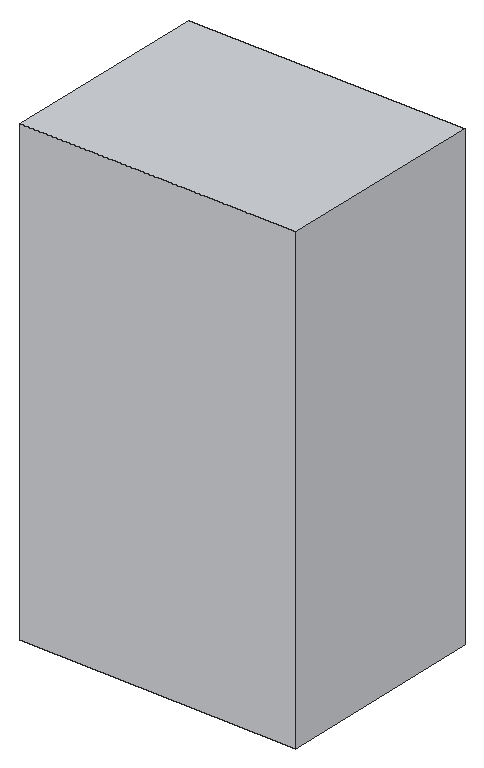
Revit family
Parameters
  Warranty Duration (Years) = 0
  URL = "http://www.americanspecialties.com/viewCategories.cfm"
  Body Material = Metal - Aluminum
  Test Data = ""
  Specification = "http://www.arcat.com/sdspecs/htm/10810asi.htm"
  SpecWizard = ""
  Send Message = "http://www.arcat.com/users.pl?action=UserEmail&company=American%20Specialties,%20Inc.&coid=30448&rep=139&fax=914-476-0688&mf="
  Sales Information = "http://www.americanspecialties.com/contact"
  Revision = "R1_10-2010"
  Product Properties = "http://www.americanspecialties.com/datasheets/0264-1A2.pdf"
  Product Data = "http://www.arcat.com/arcatcos/cos30/arc30448.html"
  Model = "As Specified in 10 28 13"
  Manufacturer Website = "http://www.americanspecialties.com/viewCategories.cfm"
  Manufacturer Phone - Toll Free = ""
  Manufacturer Phone = "914-476-9000 "
  Manufacturer Fax = "914-476-0688"
  Manufacturer Address = "441 Saw Mill River Rd., Yonkers, NY 10701"
  Manufacturer = "American Specialties, Inc."
  Maintenance Schedule (Months) = 0
  Keynote = "10 28 13"
  Installation-Fabrication = "http://www.americanspecialties.com/products.cfm"
  Green Building-LEED = ""
  Expected Lifespan (Years) = 0
  Drawn By = "Robert S. Weygant. CSI, CDT, SCIP"  # constant formula
  Description = "Toilet Accessory as Specified in 10 28 13"
  Trim Material = Metal - Aluminum
  Default Elevation = 4' - 0"
  Copyright = "©Arcat Inc."
  Construction Details = "http://www.arcat.com/green/clients/leed_data_30448.html"
  Building Codes = "http://www.americanspecialties.com/products.cfm"
  Assembly Code = "C1030210"
Reference planes (in)
  plane 1 "Floor Line": z = 0
  plane 2 "Center (Left/Right)": x = -0.65843
  plane 3: x = -7.15843
  plane 4: x = 5.84157
  plane 5: y = 0.08388
Forms (in)
  Extrusion 1, solid
    sketch origin (-3.65843, -10.3328, -6) x (0, 0, -1) y (1, 0, 0)
      loop
        line (-82, 26) -> (-82, -19.34712) -> (-6, -19.34712) -> (-6, 26) -> (-82, 26)
    from 9 to -25.60721
  Extrusion 2, solid, material "Metal - Aluminum" <- "Body Material"
    sketch origin (-0.65843, -1.25, 0.0625) x (0, 1, 0) y (0, 0, 1)
      loop
        line (1.45888, 0) -> (1.45888, 3.96999)
        arc (1.45888, 3.96999) -> (1.45004, 3.98612) -> (1.43169, 3.98732) r 0.01912
        line (1.43169, 3.98732) -> (1.05702, 3.81261)
        arc (1.05702, 3.81261) -> (1.03196, 3.79139) -> (1.02113, 3.76038) r 0.06243
        line (1.02113, 3.76038) -> (0.81134, 0.76024)
        arc (0.81134, 0.76024) -> (0.64864, 0.44093) -> (0.31408, 0.3125) r 0.5
        line (0.31408, 0.3125) -> (-0.16726, 0.3125)
        arc (-0.16726, 0.3125) -> (-0.25484, 0.27622) -> (-0.29112, 0.18864) r 0.12386
        line (-0.29112, 0.18864) -> (-0.29112, 0) -> (1.45888, 0)
    from -6.5 to 6.5
  Extrusion 3, void
    sketch origin (0, -1.54112, 0.0625) x (1, 0, 0) y (0, 0, 1)
      loop
        line (5.46657, 4) -> (-0.28201, 4) -> (0.14061, 0.99291)
        arc (0.14061, 0.99291) -> (0.30771, 0.68515) -> (0.63574, 0.5625) r 0.5
        line (0.63574, 0.5625) -> (4.54881, 0.5625)
        arc (4.54881, 0.5625) -> (4.87684, 0.68515) -> (5.04395, 0.99291) r 0.5
        line (5.04395, 0.99291) -> (5.46657, 4)
      loop
        line (-6.78343, 4) -> (-6.36082, 0.99291)
        arc (-6.36082, 0.99291) -> (-6.19371, 0.68515) -> (-5.86568, 0.5625) r 0.5
        line (-5.86568, 0.5625) -> (-1.95261, 0.5625)
        arc (-1.95261, 0.5625) -> (-1.62458, 0.68515) -> (-1.45747, 0.99291) r 0.5
        line (-1.45747, 0.99291) -> (-1.03486, 4) -> (-6.78343, 4)
    from -1.75 to -1.06286
  Extrusion 4, void
    sketch origin (-0.25, -1.5, 0) x (1, 0, 0) y (0, 1, 0)
      loop
        line (-6.90843, 0.45888) -> (-7.28343, 0.45888) -> (-7.28343, -0.41612) -> (-6.40843, -0.41612) -> (-6.40843, -0.04112)
        arc (-6.40843, -0.04112) -> (-6.76199, 0.10533) -> (-6.90843, 0.45888) r 0.5
      loop
        arc (6.09157, 0.45888) -> (5.94512, 0.10533) -> (5.59157, -0.04112) r 0.5
        line (5.59157, -0.04112) -> (5.59157, -0.41612) -> (6.46657, -0.41612) -> (6.46657, 0.45888) -> (6.09157, 0.45888)
    from 0 to 0.375
  Extrusion 5, solid, material "Metal - Aluminum" <- "Body Material"
    sketch origin (-0.85906, -1.13894, -0.23226) x (0, 1, 0) y (0, 0, 1)
      loop
        spline (1.95944, 4) -> (1.92384, 4.19411) -> (1.81948, 4.375) -> (1.65348, 4.53033) -> (1.43713, 4.64952) -> (1.18519, 4.72444) -> (0.91482, 4.75) -> (0.64446, 4.72444) -> (0.39252, 4.64952) -> (0.17617, 4.53033) -> (0.01016, 4.375) -> (-0.0942, 4.19411) -> (-0.12979, 4)
        spline (-0.12979, 4) -> (-0.0942, 3.80589) -> (0.01016, 3.625) -> (0.17617, 3.46967) -> (0.39252, 3.35048) -> (0.64446, 3.27556) -> (0.91482, 3.25) -> (1.18519, 3.27556) -> (1.43713, 3.35048) -> (1.65348, 3.46967) -> (1.81948, 3.625) -> (1.92384, 3.80589) -> (1.95944, 4)
    from -5.42438 to -0.54938
  Revolve 6, solid, material "Metal - Aluminum" <- "Body Material"
    sketch origin (0, 3.59931, 3.70524) x (0, -1, 0) y (1, 0, 0)
      loop
        line (3.51543, -6.78343) -> (3.66895, -6.78343) -> (3.66895, -6.65843) -> (3.71482, -6.65843) -> (3.71482, -6.40843) -> (3.51543, -6.40843) -> (3.51543, -6.78343)
      axis (3.51543, -6.78343) -> (3.51543, -6.40843)
    angle from 0 to 360
  Revolve 7, solid, material "Metal - Aluminum" <- "Body Material"
    sketch origin (-1.31687, 3.59931, 3.70524) x (0, 1, 0) y (-1, 0, 0)
      loop
        line (-3.51543, -6.78343) -> (-3.51543, -6.40843) -> (-3.71482, -6.40843) -> (-3.71482, -6.65843) -> (-3.66895, -6.65843) -> (-3.66895, -6.78343) -> (-3.51543, -6.78343)
      axis (-3.51543, -6.78343) -> (-3.51543, -6.40843)
    angle from 0 to 360
  Extrusion 8, solid, material "Metal - Aluminum" <- "Body Material"
    sketch origin (-0.65843, 5.38295, 2.37135) x (0, 0, 1) y (0, -1, 0)
      loop
        circle (1.3339, 5.29907) r 0.09463
    from 3.50662 to 5.33332
  Extrusion 9, solid, material "Metal - Aluminum" <- "Body Material"
    sketch origin (5.14094, -1.13894, -0.23226) x (0, 1, 0) y (0, 0, 1)
      loop
        line (0.31251, 3.12587) -> (1.79625, 3.12587)
        arc (1.79625, 3.12587) -> (2.04286, 3.19092) -> (2.22531, 3.36914) r 0.5
        arc (2.22531, 3.36914) -> (2.39988, 4.00087) -> (2.22531, 4.6326) r 1.23034
        arc (2.22531, 4.6326) -> (2.04286, 4.81082) -> (1.79625, 4.87587) r 0.5
        line (1.79625, 4.87587) -> (0.31251, 4.87587)
        arc (0.31251, 4.87587) -> (0.0659, 4.81082) -> (-0.11655, 4.6326) r 0.5
        arc (-0.11655, 4.6326) -> (-0.29112, 4.00087) -> (-0.11655, 3.36914) r 1.23034
        arc (-0.11655, 3.36914) -> (0.0659, 3.19092) -> (0.31251, 3.12587) r 0.5
    from -11.54938 to -11.42438
  Extrusion 10, void
    sketch origin (0, 0, 0) x (1, 0, 0) y (0, 1, 0)
      loop
        line (-5.99175, 0.49833) -> (-5.99175, -1.00167) -> (-4.74175, -1.00167) -> (-4.74175, 0.49833) -> (-5.99175, 0.49833)
      loop
        line (-1.99175, -1.00167) -> (-1.99175, 0.49833) -> (-3.24175, 0.49833) -> (-3.24175, -1.00167) -> (-1.99175, -1.00167)
      loop
        line (-4.61675, -1.00167) -> (-3.36675, -1.00167) -> (-3.36675, 0.49833) -> (-4.61675, 0.49833) -> (-4.61675, -1.00167)
    from 2.8311 to 4.5811
  Extrusion 11, void
    sketch origin (-1.31687, 0, 0) x (-1, 0, 0) y (0, -1, 0)
      loop
        line (-5.99175, -0.49833) -> (-4.74175, -0.49833) -> (-4.74175, 1.00167) -> (-5.99175, 1.00167) -> (-5.99175, -0.49833)
      loop
        line (-1.99175, 1.00167) -> (-3.24175, 1.00167) -> (-3.24175, -0.49833) -> (-1.99175, -0.49833) -> (-1.99175, 1.00167)
      loop
        line (-4.61675, 1.00167) -> (-4.61675, -0.49833) -> (-3.36675, -0.49833) -> (-3.36675, 1.00167) -> (-4.61675, 1.00167)
    from 2.8311 to 4.5811
  Extrusion 12, solid, material "Metal - Aluminum" <- "Body Material"
    sketch origin (5.64094, -1.13894, -0.23226) x (0, 1, 0) y (0, 0, 1)
      loop
        spline (1.95944, 4) -> (1.92384, 4.19411) -> (1.81948, 4.375) -> (1.65348, 4.53033) -> (1.43713, 4.64952) -> (1.18519, 4.72444) -> (0.91482, 4.75) -> (0.64446, 4.72444) -> (0.39252, 4.64952) -> (0.17617, 4.53033) -> (0.01016, 4.375) -> (-0.0942, 4.19411) -> (-0.12979, 4)
        spline (-0.12979, 4) -> (-0.0942, 3.80589) -> (0.01016, 3.625) -> (0.17617, 3.46967) -> (0.39252, 3.35048) -> (0.64446, 3.27556) -> (0.91482, 3.25) -> (1.18519, 3.27556) -> (1.43713, 3.35048) -> (1.65348, 3.46967) -> (1.81948, 3.625) -> (1.92384, 3.80589) -> (1.95944, 4)
    from -5.42438 to -0.54938
  Extrusion 13, solid, material "Metal - Aluminum" <- "Body Material"
    sketch origin (11.64094, -1.13894, -0.23226) x (0, 1, 0) y (0, 0, 1)
      loop
        line (0.31251, 3.12587) -> (1.79625, 3.12587)
        arc (1.79625, 3.12587) -> (2.04286, 3.19092) -> (2.22531, 3.36914) r 0.5
        arc (2.22531, 3.36914) -> (2.39988, 4.00087) -> (2.22531, 4.6326) r 1.23034
        arc (2.22531, 4.6326) -> (2.04286, 4.81082) -> (1.79625, 4.87587) r 0.5
        line (1.79625, 4.87587) -> (0.31251, 4.87587)
        arc (0.31251, 4.87587) -> (0.0659, 4.81082) -> (-0.11655, 4.6326) r 0.5
        arc (-0.11655, 4.6326) -> (-0.29112, 4.00087) -> (-0.11655, 3.36914) r 1.23034
        arc (-0.11655, 3.36914) -> (0.0659, 3.19092) -> (0.31251, 3.12587) r 0.5
    from -11.54938 to -11.42438
  Extrusion 14, solid, material "Metal - Aluminum" <- "Body Material"
    sketch origin (-7.32507, 5.38295, 2.37135) x (0, 0, 1) y (0, -1, 0)
      loop
        circle (1.3339, 5.29907) r 0.09463
    from 3.56483 to 6.35204
  Extrusion 15, solid, material "Metal - Aluminum" <- "Body Material"
    sketch origin (-9.68733, 5.38295, 2.37135) x (0, 0, 1) y (0, -1, 0)
      loop
        circle (1.3339, 5.29907) r 0.09463
    from 3.69558 to 5.14775
  Extrusion 16, solid, material "Metal - Aluminum" <- "Body Material"
    sketch origin (-3.0207, 5.38295, 2.37135) x (0, 0, 1) y (0, -1, 0)
      loop
        circle (1.3339, 5.29907) r 0.09463
    from 2.67015 to 5.14775
  Extrusion 17, solid, material "Metal - Aluminum" <- "Body Material"
    sketch origin (0, 1.66254, 0) x (1, 0, 0) y (0, 1, 0)
      loop
        line (-7.65843, 3.58388) -> (-7.65843, -3.91612)
        arc (-7.65843, -3.91612) -> (-7.58521, -4.09289) -> (-7.40843, -4.16612) r 0.25
        line (-7.40843, -4.16612) -> (6.09157, -4.16612)
        arc (6.09157, -4.16612) -> (6.26834, -4.09289) -> (6.34157, -3.91612) r 0.25
        line (6.34157, -3.91612) -> (6.34157, 3.58388) -> (-7.65843, 3.58388)
      loop
        arc (-6.28343, 1.78533) -> (-6.15843, 1.31883) -> (-6.03343, 1.78533) r 0.25
        line (-6.03343, 1.78533) -> (-6.03343, 2.19383)
        arc (-6.03343, 2.19383) -> (-6.15843, 2.31883) -> (-6.28343, 2.19383) r 0.125
        line (-6.28343, 2.19383) -> (-6.28343, 1.78533)
      loop
        line (4.96657, 1.78533) -> (4.96657, 2.19383)
        arc (4.96657, 2.19383) -> (4.84157, 2.31883) -> (4.71657, 2.19383) r 0.125
        line (4.71657, 2.19383) -> (4.71657, 1.78533)
        arc (4.71657, 1.78533) -> (4.84157, 1.31883) -> (4.96657, 1.78533) r 0.25
      loop
        arc (-5.65843, -1.73144) -> (-5.78343, -1.85644) -> (-5.65843, -1.98144) r 0.125
        line (-5.65843, -1.98144) -> (-4.65843, -1.98144)
        arc (-4.65843, -1.98144) -> (-4.53343, -1.85644) -> (-4.65843, -1.73144) r 0.125
        line (-4.65843, -1.73144) -> (-5.65843, -1.73144)
      loop
        line (4.34157, -1.73144) -> (3.34157, -1.73144)
        arc (3.34157, -1.73144) -> (3.21657, -1.85644) -> (3.34157, -1.98144) r 0.125
        line (3.34157, -1.98144) -> (4.34157, -1.98144)
        arc (4.34157, -1.98144) -> (4.46657, -1.85644) -> (4.34157, -1.73144) r 0.125
    from 0 to 0.0625
  Extrusion 18, solid, material "Metal - Aluminum" <- "Body Material"
    sketch origin (-0.65843, 1.66254, 0) x (0, 1, 0) y (0, 0, 1)
      loop
        line (-0.29112, 6.5) -> (-0.29112, 6.4394) -> (3.54741, 0.0625) -> (3.58388, 0.0625) -> (-0.29112, 6.5)
    from -7.0625 to 7.0625
  Extrusion 19, solid, material "Metal - Aluminum" <- "Body Material"
    sketch origin (-0.65843, 1.66254, 0) x (0, 1, 0) y (0, 0, 1)
      loop
        line (3.58388, 0.0625) -> (-0.29112, 6.5) -> (-3.16612, 0.0625) -> (3.58388, 0.0625)
    from -7.0625 to -7.03125
  Extrusion 20, solid, material "Metal - Aluminum" <- "Body Material"
    sketch origin (-0.65843, 1.66254, 0) x (0, 1, 0) y (0, 0, -1)
      loop
        line (3.58388, -0.0625) -> (-3.16612, -0.0625) -> (-0.29112, -6.5) -> (3.58388, -0.0625)
    from -7.0625 to -7.03125
  Extrusion 21, solid, material "Metal - Aluminum" <- "Body Material"
    sketch origin (-0.65843, 1.66254, 0) x (0, 1, 0) y (0, 0, 1)
      loop
        line (-0.05425, 6.1065) -> (-0.29112, 6.5) -> (-0.36882, 6.326) -> (-0.18817, 6.02589) -> (-0.05425, 6.1065)
    from -7.0625 to 7.0625
Cuts and joins
  Extrusion 3, Extrusion 4, Extrusion 10, Extrusion 11 cuts Extrusion 2
  Extrusion 10, Extrusion 11 cuts Extrusion 5
  Extrusion 11 cuts Extrusion 12
Dimensions and locks (in)
  aligned and locked: Extrusion 2 to plane 3
  aligned and locked: plane 4 to Extrusion 2
  aligned and locked: Extrusion 3 to Extrusion 2
  aligned and locked: Extrusion 4 to Extrusion 2
  aligned and locked: Extrusion 4 to level
  aligned and locked: Revolve 6 sketch curve to Revolve 6 sketch curve
  aligned and locked: Revolve 7 sketch curve to Revolve 7 sketch curve
  aligned and locked: Extrusion 9 to Revolve 6
  aligned and locked: Extrusion 9 to cut or joined group of Extrusion 5, Extrusion 10, Extrusion 11
